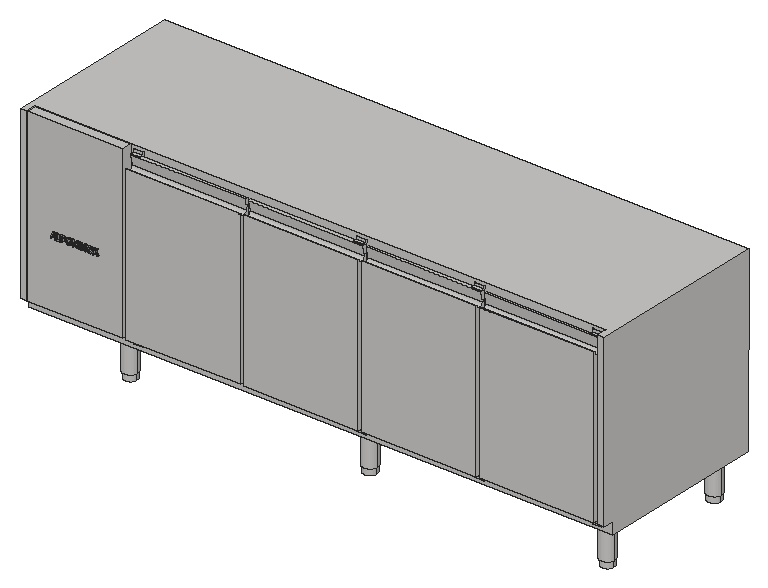
Revit family "QF_ALPENINOX_712060_AH4H7AAAA", category Specialty Equipment, Revit 2018
Family settings
  Round Connector Dimension = Use Diameter
  Part Type = Normal
  Work Plane-Based = No
  Always vertical = Yes
  Cut with Voids When Loaded = No
  Shared = No
  Room Calculation Point = No
Parameters
  Weight = 0.00 kg
  Watts = 0.0232258 W
  Volts = 220 V
  URL Manufacturer = "http://www.alpeninox.com/"
  URL = "http://www.alpeninox.com/"
  Steam Supply Size = 0 mm
  Steam Supply Minimum Pressure = 0.0 Pa
  Steam Supply Maximum Pressure = 0.0 Pa
  Steam Pounds per Hour = 0
  Show Logo [instance] = yes
  Show Clearance [instance] = yes
  Refrigeration Suction Line Size = 0 mm
  Refrigeration Liquid Line Size = 0 mm
  Refrigerant Compressor Remote = yes
  Manufacturer = "Alpeninox"
  Phase = 1
  Model = "AH4H7AAAA"
  Length Actual = 2249 mm  # constant formula
  Item Number = "712060"
  Hot Water Size = 0 mm
  Height Actual = 850 mm  # constant formula
  HP = "0.3 HP"
  Gas Size = 0 mm
  Gas KW = 0
  Gas Input Pressure = 0 W
  Description = "4DOORS REFRIGERATED TABLE 590L-NO TOP"
  Depth Actual = 700 mm  # constant formula
  Cycle = 50 Hz
  Condensate Return Size = 0 mm
  Compressed Air Volume = 0.0 L/s
  Compressed Air Size = 0 mm
  Compressed Air Pressure = 0.0 Pa
  Cold Water Size = 0 mm
  Accessory = yes
Reference planes
  plane 1 "Center X": y = 182.5
  plane 2: z = 0
  plane 3 "Center Y": x = -580.5
  plane 4: y = -62.5
  plane 5: y = 451.5
  plane 6 "BACK": y = 532.5
  plane 7 "FRONT": y = -167.5
  plane 8: x = -1360
  plane 9: x = 478
  plane 10: z = 150
  plane 11 "TOP": z = 900
  plane 12: z = 850
  plane 13 "LEFT": x = -1705
  plane 14 "RIGHT": x = 544
  plane 15: x = -437
Forms (mm)
  Extrusion 1, solid, material "QF_Finishes_Stainless Steel"
    sketch origin (-580.5, 2, 0) x (0, 1, 0) y (0, 0, 1)
      loop
        line (530.5, 150) -> (530.5, 850) -> (-124.5, 850) -> (-124.5, 150) -> (530.5, 150)
    from -1124.5 to 1124.5
  Extrusion 2, solid, material "QF_Finishes_Stainless Steel"
    sketch origin (-1022.223, -1524, 150) x (-1, 0, 0) y (0, -1, 0)
      loop
        line (682.777, -1361.5) -> (657.777, -1361.5) -> (657.777, -1401.5) -> (682.777, -1401.5) -> (682.777, -1361.5)
      loop
        line (-1566.223, -1401.5) -> (-1541.223, -1401.5) -> (-1541.223, -1361.5) -> (-1566.223, -1361.5) -> (-1566.223, -1401.5)
    from 47 to 700
  Extrusion 3, solid, material "QF_Finishes_Stainless Steel"
    sketch origin (0, 0, 900) x (-1, 0, 0) y (0, -1, 0)
      loop
        circle (-57, -94.5) r 8.45
      loop
        circle (851, -94.5) r 8.45
    from -790.577 to -750
  Extrusion 4, solid, material "QF_Finishes_Stainless Steel"
    sketch origin (0, 0, 0) x (1, 0, 0) y (0, 1, 0)
      loop
        circle (-1621, 451.5) r 4
    from 109.423 to 150
Cuts and joins
  joined: Extrusion 1, Extrusion 2
Lines and regions (mm)
  symbolic lines, style "SpecialityEquipmentHiddenLines"
    curve 1: line (-1705, -122.5, 900) -> (544, -122.5, 900)
    curve 2: line (-1304, -162.5, 900) -> (-1304, -122.5, 900)
    curve 3: line (-1705, 532.5, 900) -> (544, 532.5, 900)
    curve 4: line (-1705, 532.5, 900) -> (-1705, -162.5, 900)
    curve 5: line (-1705, -162.5, 900) -> (544, -162.5, 900)
    curve 6: line (544, -162.5, 900) -> (544, 532.5, 900)
Dimensions and locks
  locked: plane 6 "BACK" to plane 7 "FRONT" at 700
  equal spacing: plane 6 "BACK", plane 1 "Center X", plane 7 "FRONT"
  locked: plane 6 "BACK" to plane 5 at 81
  plane 10 to level = 150 mm
  plane 11 "TOP" to plane 12 to plane 10 = 50 mm locked, 700 mm locked
  locked: Extrusion 2 sketch curve to Extrusion 2 sketch curve at 25  (x2)
  locked: plane 4 to plane 7 "FRONT" at 105
  locked: plane 6 "BACK" to Extrusion 3 sketch curve at 438  (x2)
  equal spacing: plane 13 "LEFT", plane 3 "Center Y", plane 14 "RIGHT"
  plane 13 "LEFT" to plane 14 "RIGHT" = 2249 mm
  locked: plane 13 "LEFT" to plane 8 at 345
  plane 15 to plane 9 to plane 14 "RIGHT" = 915 mm locked, 66 mm locked
  Extrusion 3 sketch curve to Extrusion 3 sketch curve to plane 14 "RIGHT" = 908 mm locked, 487 mm locked
  plane 13 "LEFT" to Extrusion 4 sketch curve = 84 mm
  locked: plane 6 "BACK" to Extrusion 4 sketch curve at 81
  locked: plane 10 to Extrusion 4 at 40.577
  aligned and locked: level to plane 2
  aligned and locked: plane 10 to Extrusion 3
  aligned and locked: nested 4 to plane 4
  aligned and locked: nested 1 to plane 4
  aligned and locked: nested 3 to plane 5
  aligned and locked: nested 2 to plane 5
  aligned and locked: plane 8 to nested 1
  aligned and locked: plane 8 to nested 2
  aligned and locked: plane 9 to nested 4
  aligned and locked: plane 9 to nested 3
  aligned and locked: Extrusion 1 to Extrusion 2
  aligned and locked: Extrusion 2 to Extrusion 1
  aligned and locked: Extrusion 2 sketch curve to plane 14 "RIGHT"
  aligned and locked: plane 13 "LEFT" to Extrusion 2 sketch curve
  aligned and locked: cut or joined group of Extrusion 1, Extrusion 2 to plane 10
  aligned and locked: plane 12 to cut or joined group of Extrusion 1, Extrusion 2
  aligned and locked: plane 10 to Extrusion 4
  aligned and locked: plane 15 to nested 11
  aligned and locked: plane 15 to nested 12
Automatic sketch dimensions
  plane 7 "FRONT" to Extrusion 2 sketch curve = 45 mm  (x2)
  plane 7 "FRONT" to Extrusion 2 sketch curve = 5 mm  (x2)
  curve 6 to plane 6 "BACK" = 0 mm
  curve 6 to plane 14 "RIGHT" = 0 mm
  plane 7 "FRONT" to curve 2 = 5 mm
  curve 5 to plane 13 "LEFT" = 0 mm
  plane 8 to curve 2 = 56 mm
  plane 7 "FRONT" to curve 1 = 45 mm
  Extrusion 1 sketch curve to plane 10 = 0 mm
  Extrusion 1 sketch curve to plane 12 = 0 mm
  Extrusion 1 sketch curve to plane 6 "BACK" = 0 mm
  plane 7 "FRONT" to Extrusion 1 sketch curve = 45 mm
  radius of Extrusion 4 sketch curve = 4 mm
  radius of Extrusion 3 sketch curve = 8.45 mm  (x2)
Nested families
  nested 1: "Foot_Ø50_H150" at (-1360, -62.5, 0), type "Foot_Ø50_H150"
  nested 2: "Foot_Ø50_H150" at (-1360, 451.5, 0), type "Foot_Ø50_H150"
  nested 3: "Foot_Ø50_H150" at (478, 451.5, 0), type "Foot_Ø50_H150"
  nested 4: "Foot_Ø50_H150" at (478, -62.5, 0), type "Foot_Ø50_H150"
  nested 5: "Door" at (285, -164.5, 0), Show Clearance <- "Show Clearance", type "Door"
  nested 6: "Door" at (-169, -164.5, 0), Show Clearance <- "Show Clearance", type "Door"
  nested 7: "Refrigerator" at (544, -167.5, 900), type "Refrigerator"
  nested 8: "ALP_Cooling Unit" at (-1495.5, -164.5, 0), Show Logo <- "Show Logo", type "ALP_Cooling Unit"
  nested 9: "Door" at (-623, -164.5, 0), Show Clearance <- "Show Clearance", type "Door"
  nested 10: "Door" at (-1077, -164.5, 0) x (-1, 0, 0) z (0, 0, 1), Show Clearance <- "Show Clearance", type "Door"
  nested 11: "Foot_Ø50_H150" at (-437, -62.5, 0), type "Foot_Ø50_H150"
  nested 12: "Foot_Ø50_H150" at (-437, 451.5, 0), type "Foot_Ø50_H150"
Connectors
  electrical at (-1621, 451.5, 109.423), driven by "Volts"
    settings: on Extrusion 4, index 4, voltage 220 V, apparent load 0 VA, apparent load phase1 0 VA, apparent load phase2 0 VA, apparent load phase3 0 VA, power factor 1, load classification "Altro", number of poles 1, system type 30, power factor state 1, is connector primary yes, connector utility no, sub classification motor no, connector description "Electrical Connection"
  piping at (57, 94.5, 109.423), diameter 17
    settings: on Extrusion 3, index 5, connector inside diameter 609.6 mm, connector length 0 mm, flow factor 0, pipe flow 0.0 L/s, pressure drop 0.0 Pa, fitting loss kfactor 0, connector angle 0.00°, fixture units 0, engagement length 0 mm, angle of deflection 0.00°, flow configuration 1, flow direction 2, fitting loss method 0, system type 16, joint type 0, gender type 0, connector reference index -1, connector utility 0, adjustable connector no, is connector primary yes, connector description "Drain"
  piping at (-851, 94.5, 109.423), diameter 17
    settings: on Extrusion 3, index 6, connector inside diameter 609.6 mm, connector length 0 mm, flow factor 0, pipe flow 0.0 L/s, pressure drop 0.0 Pa, fitting loss kfactor 0, connector angle 0.00°, fixture units 0, engagement length 0 mm, angle of deflection 0.00°, flow configuration 1, flow direction 2, fitting loss method 0, system type 16, joint type 0, gender type 0, connector reference index -1, connector utility 0, adjustable connector no, is connector primary no, connector description "Drain"
Definition of nested family "Foot_Ø50_H150"
  Reference planes
    plane 1 "Centro (Fronte/Retro)": y = 0
    plane 2: z = 0
    plane 3 "Centro (Sinistra/Destra)": x = 0
    plane 4: z = 150
  Forms (mm)
    Revolve 1, solid
      sketch origin (255.05, 0, 608.09) x (0, 0, 1) y (-1, 0, 0)
        loop
          line (-608.09, 255.05) -> (-608.09, 230.05) -> (-583.09, 230.05) -> (-583.09, 226.05) -> (-458.09, 226.05) -> (-458.09, 255.05) -> (-608.09, 255.05)
        axis (-608.09, 255.05) -> (-458.09, 255.05)
      angle from 0 to 360
  Dimensions and locks
    locked: Revolve 1 sketch curve to Revolve 1 sketch curve at 125
    aligned and locked: level to plane 2
    aligned and locked: plane 4 to Revolve 1 sketch curve
    aligned and locked: Revolve 1 sketch curve to level
    aligned and locked: plane 3 "Centro (Sinistra/Destra)" to Revolve 1 sketch curve
Definition of nested family "Door"
  Parameters
    Show Clearance [instance] = yes
  Reference planes
    plane 1 "FRONT": y = -3
    plane 2: z = 0
    plane 3 "Centro (Sinistra/Destra)": x = 0
    plane 4: z = 150
    plane 5: z = 850
    plane 6: x = -234
    plane 7: x = 234
    plane 8: x = -220
    plane 9: x = 220
  Forms (mm)
    Extrusion 1, solid
      sketch origin (0, 53, 511) x (0, 0, 1) y (0, -1, 0)
        loop
          line (-323.003, 28.5) -> (-316.501, 28.5) -> (-316.501, 31) -> (-325.503, 31) -> (-325.503, 13.5) -> (-345.503, 13.5) -> (-345.503, 11) -> (-323.003, 11) -> (-323.003, 23.259) -> (-323.003, 28.5)
        loop
          line (-314, 27) -> (-316.501, 27) -> (-316.501, 18.501) -> (-319.752, 18.501) -> (-319.752, 16) -> (-314, 16) -> (-314, 27)
        loop
          line (315.003, 27) -> (315.003, 13.948) -> (315.003, 11) -> (327.503, 11) -> (327.503, 13.5) -> (317.503, 13.5) -> (317.503, 27) -> (315.003, 27)
      from 185 to 220
    Extrusion 2, solid, visible <- "Show Clearance", detail levels coarse
      sketch origin (0, 53, 511) x (0, -1, 0) y (1, 0, 0)
        loop
          line (51, 220) -> (51, -220)
          arc (51, -220) -> (339.234, -79.44) -> (454, 220) r 437.168
          line (454, 220) -> (51, 220)
      from -314 to 314
    Extrusion 3, solid
      sketch origin (0, 55, 511) x (0, 0, 1) y (0, -1, 0)
        loop
          line (314, 18) -> (314, 29) -> (274.395, 22.5)
          arc (274.395, 22.5) -> (260.395, 36.5) -> (274.395, 50.5) r 14
          line (274.395, 50.5) -> (274.395, 53) -> (-314, 53) -> (-314, 18) -> (314, 18)
      from -220 to 220
  Lines and regions (mm)
    symbolic lines
      curve 1: line (220, -3, 0) -> (220, -401, 0)
      curve 2: line (220, -401, 0) -> (185, -401, 0)
      curve 3: line (185, -401, 0) -> (185, -3, 0)
      curve 4: arc (-219.722, -3, 0) -> (-89.51, -275.368, 0) -> (185, -401, 0) r 442.855
  Dimensions and locks
    aligned and locked: level to plane 2
Definition of nested family "ALP_Cooling Unit"
  Parameters
    Show Logo [instance] = yes
  Reference planes
    plane 1 "FRONT": y = -3
    plane 2: z = 0
    plane 3 "Centro (Sinistra/Destra)": x = 0
    plane 4: z = 150
    plane 5: z = 850
    plane 6: x = -184.5
    plane 7: x = 184.5
  Forms (mm)
    Extrusion 1, solid
      sketch origin (0, 55, 511) x (0, 0, 1) y (0, -1, 0)
        loop
          line (-314, 53) -> (-314, 13) -> (339, 13) -> (339, 53) -> (-314, 53)
      from -184.5 to 184.5
  Lines and regions (mm)
    Split face 1
      outline origin (0, 2, 197) x (0, 0, 1) y (-1, 0, 0)
        loop
          line (566.835, 184.5) -> (566.835, -184.5)
        loop
          line (521.835, 184.5) -> (521.835, -184.5)
    Split face 2
      outline origin (0, 2, 197) x (0, 0, 1) y (-1, 0, 0)
        loop
          line (526.835, -184.5) -> (526.835, 150.5)
          arc (526.835, 150.5) -> (544.335, 168) -> (561.835, 150.5) r 17.5
          line (561.835, 150.5) -> (561.835, -184.5)
    Split face 3
      outline origin (0, 2, 197) x (0, 0, 1) y (-1, 0, 0)
        loop
          line (555.835, 149.5) -> (532.835, 149.5) -> (532.835, 94.5) -> (555.835, 94.5) -> (555.835, 149.5)
    Split face 4
      outline origin (0, 2, 197) x (0, 0, 1) y (-1, 0, 0)
        loop
          arc (510.649, 158.547) -> (506.648, 162.548) -> (502.647, 158.547) r 4.001
          line (502.647, 158.547) -> (502.647, 116.535)
          arc (502.647, 116.535) -> (506.648, 112.533) -> (510.649, 116.535) r 4.001
          line (510.649, 116.535) -> (510.649, 158.547)
    Split face 5
      outline origin (0, 2, 184.996) x (0, 0, 1) y (-1, 0, 0)
        loop
          arc (510.649, 158.547) -> (506.648, 162.548) -> (502.647, 158.547) r 4.001
          line (502.647, 158.547) -> (502.647, 116.535)
          arc (502.647, 116.535) -> (506.648, 112.533) -> (510.649, 116.535) r 4.001
          line (510.649, 116.535) -> (510.649, 158.547)
    Split face 6
      outline origin (0, 2, 172.993) x (0, 0, 1) y (-1, 0, 0)
        loop
          arc (510.649, 158.547) -> (506.648, 162.548) -> (502.647, 158.547) r 4.001
          line (502.647, 158.547) -> (502.647, 116.535)
          arc (502.647, 116.535) -> (506.648, 112.533) -> (510.649, 116.535) r 4.001
          line (510.649, 116.535) -> (510.649, 158.547)
    Split face 7
      outline origin (0, 2, 160.989) x (0, 0, 1) y (-1, 0, 0)
        loop
          arc (510.649, 158.547) -> (506.648, 162.548) -> (502.647, 158.547) r 4.001
          line (502.647, 158.547) -> (502.647, 116.535)
          arc (502.647, 116.535) -> (506.648, 112.533) -> (510.649, 116.535) r 4.001
          line (510.649, 116.535) -> (510.649, 158.547)
    Split face 8
      outline origin (0, 2, 148.986) x (0, 0, 1) y (-1, 0, 0)
        loop
          arc (510.649, 158.547) -> (506.648, 162.548) -> (502.647, 158.547) r 4.001
          line (502.647, 158.547) -> (502.647, 116.535)
          arc (502.647, 116.535) -> (506.648, 112.533) -> (510.649, 116.535) r 4.001
          line (510.649, 116.535) -> (510.649, 158.547)
    Split face 9
      outline origin (0, 2, 136.982) x (0, 0, 1) y (-1, 0, 0)
        loop
          arc (510.649, 158.547) -> (506.648, 162.548) -> (502.647, 158.547) r 4.001
          line (502.647, 158.547) -> (502.647, 116.535)
          arc (502.647, 116.535) -> (506.648, 112.533) -> (510.649, 116.535) r 4.001
          line (510.649, 116.535) -> (510.649, 158.547)
    Split face 10
      outline origin (0, 2, 124.979) x (0, 0, 1) y (-1, 0, 0)
        loop
          arc (510.649, 158.547) -> (506.648, 162.548) -> (502.647, 158.547) r 4.001
          line (502.647, 158.547) -> (502.647, 116.535)
          arc (502.647, 116.535) -> (506.648, 112.533) -> (510.649, 116.535) r 4.001
          line (510.649, 116.535) -> (510.649, 158.547)
    Split face 11
      outline origin (0, 2, 112.975) x (0, 0, 1) y (-1, 0, 0)
        loop
          arc (510.649, 158.547) -> (506.648, 162.548) -> (502.647, 158.547) r 4.001
          line (502.647, 158.547) -> (502.647, 116.535)
          arc (502.647, 116.535) -> (506.648, 112.533) -> (510.649, 116.535) r 4.001
          line (510.649, 116.535) -> (510.649, 158.547)
    Split face 12
      outline origin (0, 2, 100.972) x (0, 0, 1) y (-1, 0, 0)
        loop
          arc (510.649, 158.547) -> (506.648, 162.548) -> (502.647, 158.547) r 4.001
          line (502.647, 158.547) -> (502.647, 116.535)
          arc (502.647, 116.535) -> (506.648, 112.533) -> (510.649, 116.535) r 4.001
          line (510.649, 116.535) -> (510.649, 158.547)
    Split face 13
      outline origin (0, 2, 88.968) x (0, 0, 1) y (-1, 0, 0)
        loop
          arc (510.649, 158.547) -> (506.648, 162.548) -> (502.647, 158.547) r 4.001
          line (502.647, 158.547) -> (502.647, 116.535)
          arc (502.647, 116.535) -> (506.648, 112.533) -> (510.649, 116.535) r 4.001
          line (510.649, 116.535) -> (510.649, 158.547)
    Split face 14
      outline origin (0, 2, 76.965) x (0, 0, 1) y (-1, 0, 0)
        loop
          arc (510.649, 158.547) -> (506.648, 162.548) -> (502.647, 158.547) r 4.001
          line (502.647, 158.547) -> (502.647, 116.535)
          arc (502.647, 116.535) -> (506.648, 112.533) -> (510.649, 116.535) r 4.001
          line (510.649, 116.535) -> (510.649, 158.547)
    Split face 15
      outline origin (0, 2, 64.961) x (0, 0, 1) y (-1, 0, 0)
        loop
          arc (510.649, 158.547) -> (506.648, 162.548) -> (502.647, 158.547) r 4.001
          line (502.647, 158.547) -> (502.647, 116.535)
          arc (502.647, 116.535) -> (506.648, 112.533) -> (510.649, 116.535) r 4.001
          line (510.649, 116.535) -> (510.649, 158.547)
    Split face 16
      outline origin (0, 2, 52.958) x (0, 0, 1) y (-1, 0, 0)
        loop
          arc (510.649, 158.547) -> (506.648, 162.548) -> (502.647, 158.547) r 4.001
          line (502.647, 158.547) -> (502.647, 116.535)
          arc (502.647, 116.535) -> (506.648, 112.533) -> (510.649, 116.535) r 4.001
          line (510.649, 116.535) -> (510.649, 158.547)
    Split face 17
      outline origin (0, 2, 40.954) x (0, 0, 1) y (-1, 0, 0)
        loop
          arc (510.649, 158.547) -> (506.648, 162.548) -> (502.647, 158.547) r 4.001
          line (502.647, 158.547) -> (502.647, 116.535)
          arc (502.647, 116.535) -> (506.648, 112.533) -> (510.649, 116.535) r 4.001
          line (510.649, 116.535) -> (510.649, 158.547)
    Split face 18
      outline origin (0, 2, 28.951) x (0, 0, 1) y (-1, 0, 0)
        loop
          arc (510.649, 158.547) -> (506.648, 162.548) -> (502.647, 158.547) r 4.001
          line (502.647, 158.547) -> (502.647, 116.535)
          arc (502.647, 116.535) -> (506.648, 112.533) -> (510.649, 116.535) r 4.001
          line (510.649, 116.535) -> (510.649, 158.547)
    Split face 19
      outline origin (0, 2, 16.947) x (0, 0, 1) y (-1, 0, 0)
        loop
          arc (510.649, 158.547) -> (506.648, 162.548) -> (502.647, 158.547) r 4.001
          line (502.647, 158.547) -> (502.647, 116.535)
          arc (502.647, 116.535) -> (506.648, 112.533) -> (510.649, 116.535) r 4.001
          line (510.649, 116.535) -> (510.649, 158.547)
    Split face 20
      outline origin (55.016, 2, 197) x (0, 0, 1) y (-1, 0, 0)
        loop
          arc (510.649, 158.547) -> (506.648, 162.548) -> (502.647, 158.547) r 4.001
          line (502.647, 158.547) -> (502.647, 116.535)
          arc (502.647, 116.535) -> (506.648, 112.533) -> (510.649, 116.535) r 4.001
          line (510.649, 116.535) -> (510.649, 158.547)
    Split face 21
      outline origin (55.016, 2, 184.996) x (0, 0, 1) y (-1, 0, 0)
        loop
          arc (510.649, 158.547) -> (506.648, 162.548) -> (502.647, 158.547) r 4.001
          line (502.647, 158.547) -> (502.647, 116.535)
          arc (502.647, 116.535) -> (506.648, 112.533) -> (510.649, 116.535) r 4.001
          line (510.649, 116.535) -> (510.649, 158.547)
    Split face 22
      outline origin (55.016, 2, 172.993) x (0, 0, 1) y (-1, 0, 0)
        loop
          arc (510.649, 158.547) -> (506.648, 162.548) -> (502.647, 158.547) r 4.001
          line (502.647, 158.547) -> (502.647, 116.535)
          arc (502.647, 116.535) -> (506.648, 112.533) -> (510.649, 116.535) r 4.001
          line (510.649, 116.535) -> (510.649, 158.547)
    Split face 23
      outline origin (55.016, 2, 160.989) x (0, 0, 1) y (-1, 0, 0)
        loop
          arc (510.649, 158.547) -> (506.648, 162.548) -> (502.647, 158.547) r 4.001
          line (502.647, 158.547) -> (502.647, 116.535)
          arc (502.647, 116.535) -> (506.648, 112.533) -> (510.649, 116.535) r 4.001
          line (510.649, 116.535) -> (510.649, 158.547)
    Split face 24
      outline origin (55.016, 2, 148.986) x (0, 0, 1) y (-1, 0, 0)
        loop
          arc (510.649, 158.547) -> (506.648, 162.548) -> (502.647, 158.547) r 4.001
          line (502.647, 158.547) -> (502.647, 116.535)
          arc (502.647, 116.535) -> (506.648, 112.533) -> (510.649, 116.535) r 4.001
          line (510.649, 116.535) -> (510.649, 158.547)
    Split face 25
      outline origin (55.016, 2, 136.982) x (0, 0, 1) y (-1, 0, 0)
        loop
          arc (510.649, 158.547) -> (506.648, 162.548) -> (502.647, 158.547) r 4.001
          line (502.647, 158.547) -> (502.647, 116.535)
          arc (502.647, 116.535) -> (506.648, 112.533) -> (510.649, 116.535) r 4.001
          line (510.649, 116.535) -> (510.649, 158.547)
    Split face 26
      outline origin (55.016, 2, 124.979) x (0, 0, 1) y (-1, 0, 0)
        loop
          arc (510.649, 158.547) -> (506.648, 162.548) -> (502.647, 158.547) r 4.001
          line (502.647, 158.547) -> (502.647, 116.535)
          arc (502.647, 116.535) -> (506.648, 112.533) -> (510.649, 116.535) r 4.001
          line (510.649, 116.535) -> (510.649, 158.547)
    Split face 27
      outline origin (55.016, 2, 112.975) x (0, 0, 1) y (-1, 0, 0)
        loop
          arc (510.649, 158.547) -> (506.648, 162.548) -> (502.647, 158.547) r 4.001
          line (502.647, 158.547) -> (502.647, 116.535)
          arc (502.647, 116.535) -> (506.648, 112.533) -> (510.649, 116.535) r 4.001
          line (510.649, 116.535) -> (510.649, 158.547)
    Split face 28
      outline origin (55.016, 2, 100.972) x (0, 0, 1) y (-1, 0, 0)
        loop
          arc (510.649, 158.547) -> (506.648, 162.548) -> (502.647, 158.547) r 4.001
          line (502.647, 158.547) -> (502.647, 116.535)
          arc (502.647, 116.535) -> (506.648, 112.533) -> (510.649, 116.535) r 4.001
          line (510.649, 116.535) -> (510.649, 158.547)
    Split face 29
      outline origin (55.016, 2, 88.968) x (0, 0, 1) y (-1, 0, 0)
        loop
          arc (510.649, 158.547) -> (506.648, 162.548) -> (502.647, 158.547) r 4.001
          line (502.647, 158.547) -> (502.647, 116.535)
          arc (502.647, 116.535) -> (506.648, 112.533) -> (510.649, 116.535) r 4.001
          line (510.649, 116.535) -> (510.649, 158.547)
    Split face 30
      outline origin (55.016, 2, 76.965) x (0, 0, 1) y (-1, 0, 0)
        loop
          arc (510.649, 158.547) -> (506.648, 162.548) -> (502.647, 158.547) r 4.001
          line (502.647, 158.547) -> (502.647, 116.535)
          arc (502.647, 116.535) -> (506.648, 112.533) -> (510.649, 116.535) r 4.001
          line (510.649, 116.535) -> (510.649, 158.547)
    Split face 31
      outline origin (55.016, 2, 64.961) x (0, 0, 1) y (-1, 0, 0)
        loop
          arc (510.649, 158.547) -> (506.648, 162.548) -> (502.647, 158.547) r 4.001
          line (502.647, 158.547) -> (502.647, 116.535)
          arc (502.647, 116.535) -> (506.648, 112.533) -> (510.649, 116.535) r 4.001
          line (510.649, 116.535) -> (510.649, 158.547)
    Split face 32
      outline origin (55.016, 2, 52.958) x (0, 0, 1) y (-1, 0, 0)
        loop
          arc (510.649, 158.547) -> (506.648, 162.548) -> (502.647, 158.547) r 4.001
          line (502.647, 158.547) -> (502.647, 116.535)
          arc (502.647, 116.535) -> (506.648, 112.533) -> (510.649, 116.535) r 4.001
          line (510.649, 116.535) -> (510.649, 158.547)
    Split face 33
      outline origin (55.016, 2, 40.954) x (0, 0, 1) y (-1, 0, 0)
        loop
          arc (510.649, 158.547) -> (506.648, 162.548) -> (502.647, 158.547) r 4.001
          line (502.647, 158.547) -> (502.647, 116.535)
          arc (502.647, 116.535) -> (506.648, 112.533) -> (510.649, 116.535) r 4.001
          line (510.649, 116.535) -> (510.649, 158.547)
    Split face 34
      outline origin (55.016, 2, 28.951) x (0, 0, 1) y (-1, 0, 0)
        loop
          arc (510.649, 158.547) -> (506.648, 162.548) -> (502.647, 158.547) r 4.001
          line (502.647, 158.547) -> (502.647, 116.535)
          arc (502.647, 116.535) -> (506.648, 112.533) -> (510.649, 116.535) r 4.001
          line (510.649, 116.535) -> (510.649, 158.547)
    Split face 35
      outline origin (55.016, 2, 16.947) x (0, 0, 1) y (-1, 0, 0)
        loop
          arc (510.649, 158.547) -> (506.648, 162.548) -> (502.647, 158.547) r 4.001
          line (502.647, 158.547) -> (502.647, 116.535)
          arc (502.647, 116.535) -> (506.648, 112.533) -> (510.649, 116.535) r 4.001
          line (510.649, 116.535) -> (510.649, 158.547)
    Split face 36
      outline origin (110.032, 2, 197) x (0, 0, 1) y (-1, 0, 0)
        loop
          arc (510.649, 158.547) -> (506.648, 162.548) -> (502.647, 158.547) r 4.001
          line (502.647, 158.547) -> (502.647, 116.535)
          arc (502.647, 116.535) -> (506.648, 112.533) -> (510.649, 116.535) r 4.001
          line (510.649, 116.535) -> (510.649, 158.547)
    Split face 37
      outline origin (110.032, 2, 184.996) x (0, 0, 1) y (-1, 0, 0)
        loop
          arc (510.649, 158.547) -> (506.648, 162.548) -> (502.647, 158.547) r 4.001
          line (502.647, 158.547) -> (502.647, 116.535)
          arc (502.647, 116.535) -> (506.648, 112.533) -> (510.649, 116.535) r 4.001
          line (510.649, 116.535) -> (510.649, 158.547)
    Split face 38
      outline origin (110.032, 2, 172.993) x (0, 0, 1) y (-1, 0, 0)
        loop
          arc (510.649, 158.547) -> (506.648, 162.548) -> (502.647, 158.547) r 4.001
          line (502.647, 158.547) -> (502.647, 116.535)
          arc (502.647, 116.535) -> (506.648, 112.533) -> (510.649, 116.535) r 4.001
          line (510.649, 116.535) -> (510.649, 158.547)
    Split face 39
      outline origin (110.032, 2, 160.989) x (0, 0, 1) y (-1, 0, 0)
        loop
          arc (510.649, 158.547) -> (506.648, 162.548) -> (502.647, 158.547) r 4.001
          line (502.647, 158.547) -> (502.647, 116.535)
          arc (502.647, 116.535) -> (506.648, 112.533) -> (510.649, 116.535) r 4.001
          line (510.649, 116.535) -> (510.649, 158.547)
    Split face 40
      outline origin (110.032, 2, 148.986) x (0, 0, 1) y (-1, 0, 0)
        loop
          arc (510.649, 158.547) -> (506.648, 162.548) -> (502.647, 158.547) r 4.001
          line (502.647, 158.547) -> (502.647, 116.535)
          arc (502.647, 116.535) -> (506.648, 112.533) -> (510.649, 116.535) r 4.001
          line (510.649, 116.535) -> (510.649, 158.547)
    Split face 41
      outline origin (110.032, 2, 136.982) x (0, 0, 1) y (-1, 0, 0)
        loop
          arc (510.649, 158.547) -> (506.648, 162.548) -> (502.647, 158.547) r 4.001
          line (502.647, 158.547) -> (502.647, 116.535)
          arc (502.647, 116.535) -> (506.648, 112.533) -> (510.649, 116.535) r 4.001
          line (510.649, 116.535) -> (510.649, 158.547)
    Split face 42
      outline origin (110.032, 2, 124.979) x (0, 0, 1) y (-1, 0, 0)
        loop
          arc (510.649, 158.547) -> (506.648, 162.548) -> (502.647, 158.547) r 4.001
          line (502.647, 158.547) -> (502.647, 116.535)
          arc (502.647, 116.535) -> (506.648, 112.533) -> (510.649, 116.535) r 4.001
          line (510.649, 116.535) -> (510.649, 158.547)
    Split face 43
      outline origin (110.032, 2, 112.975) x (0, 0, 1) y (-1, 0, 0)
        loop
          arc (510.649, 158.547) -> (506.648, 162.548) -> (502.647, 158.547) r 4.001
          line (502.647, 158.547) -> (502.647, 116.535)
          arc (502.647, 116.535) -> (506.648, 112.533) -> (510.649, 116.535) r 4.001
          line (510.649, 116.535) -> (510.649, 158.547)
    Split face 44
      outline origin (110.032, 2, 100.972) x (0, 0, 1) y (-1, 0, 0)
        loop
          arc (510.649, 158.547) -> (506.648, 162.548) -> (502.647, 158.547) r 4.001
          line (502.647, 158.547) -> (502.647, 116.535)
          arc (502.647, 116.535) -> (506.648, 112.533) -> (510.649, 116.535) r 4.001
          line (510.649, 116.535) -> (510.649, 158.547)
    Split face 45
      outline origin (110.032, 2, 88.968) x (0, 0, 1) y (-1, 0, 0)
        loop
          arc (510.649, 158.547) -> (506.648, 162.548) -> (502.647, 158.547) r 4.001
          line (502.647, 158.547) -> (502.647, 116.535)
          arc (502.647, 116.535) -> (506.648, 112.533) -> (510.649, 116.535) r 4.001
          line (510.649, 116.535) -> (510.649, 158.547)
    Split face 46
      outline origin (110.032, 2, 76.965) x (0, 0, 1) y (-1, 0, 0)
        loop
          arc (510.649, 158.547) -> (506.648, 162.548) -> (502.647, 158.547) r 4.001
          line (502.647, 158.547) -> (502.647, 116.535)
          arc (502.647, 116.535) -> (506.648, 112.533) -> (510.649, 116.535) r 4.001
          line (510.649, 116.535) -> (510.649, 158.547)
    Split face 47
      outline origin (110.032, 2, 64.961) x (0, 0, 1) y (-1, 0, 0)
        loop
          arc (510.649, 158.547) -> (506.648, 162.548) -> (502.647, 158.547) r 4.001
          line (502.647, 158.547) -> (502.647, 116.535)
          arc (502.647, 116.535) -> (506.648, 112.533) -> (510.649, 116.535) r 4.001
          line (510.649, 116.535) -> (510.649, 158.547)
    Split face 48
      outline origin (110.032, 2, 52.958) x (0, 0, 1) y (-1, 0, 0)
        loop
          arc (510.649, 158.547) -> (506.648, 162.548) -> (502.647, 158.547) r 4.001
          line (502.647, 158.547) -> (502.647, 116.535)
          arc (502.647, 116.535) -> (506.648, 112.533) -> (510.649, 116.535) r 4.001
          line (510.649, 116.535) -> (510.649, 158.547)
    Split face 49
      outline origin (110.032, 2, 40.954) x (0, 0, 1) y (-1, 0, 0)
        loop
          arc (510.649, 158.547) -> (506.648, 162.548) -> (502.647, 158.547) r 4.001
          line (502.647, 158.547) -> (502.647, 116.535)
          arc (502.647, 116.535) -> (506.648, 112.533) -> (510.649, 116.535) r 4.001
          line (510.649, 116.535) -> (510.649, 158.547)
    Split face 50
      outline origin (110.032, 2, 28.951) x (0, 0, 1) y (-1, 0, 0)
        loop
          arc (510.649, 158.547) -> (506.648, 162.548) -> (502.647, 158.547) r 4.001
          line (502.647, 158.547) -> (502.647, 116.535)
          arc (502.647, 116.535) -> (506.648, 112.533) -> (510.649, 116.535) r 4.001
          line (510.649, 116.535) -> (510.649, 158.547)
    Split face 51
      outline origin (110.032, 2, 16.947) x (0, 0, 1) y (-1, 0, 0)
        loop
          arc (510.649, 158.547) -> (506.648, 162.548) -> (502.647, 158.547) r 4.001
          line (502.647, 158.547) -> (502.647, 116.535)
          arc (502.647, 116.535) -> (506.648, 112.533) -> (510.649, 116.535) r 4.001
          line (510.649, 116.535) -> (510.649, 158.547)
    Split face 52
      outline origin (165.048, 2, 197) x (0, 0, 1) y (-1, 0, 0)
        loop
          arc (510.649, 158.547) -> (506.648, 162.548) -> (502.647, 158.547) r 4.001
          line (502.647, 158.547) -> (502.647, 116.535)
          arc (502.647, 116.535) -> (506.648, 112.533) -> (510.649, 116.535) r 4.001
          line (510.649, 116.535) -> (510.649, 158.547)
    Split face 53
      outline origin (165.048, 2, 184.996) x (0, 0, 1) y (-1, 0, 0)
        loop
          arc (510.649, 158.547) -> (506.648, 162.548) -> (502.647, 158.547) r 4.001
          line (502.647, 158.547) -> (502.647, 116.535)
          arc (502.647, 116.535) -> (506.648, 112.533) -> (510.649, 116.535) r 4.001
          line (510.649, 116.535) -> (510.649, 158.547)
    Split face 54
      outline origin (165.048, 2, 172.993) x (0, 0, 1) y (-1, 0, 0)
        loop
          arc (510.649, 158.547) -> (506.648, 162.548) -> (502.647, 158.547) r 4.001
          line (502.647, 158.547) -> (502.647, 116.535)
          arc (502.647, 116.535) -> (506.648, 112.533) -> (510.649, 116.535) r 4.001
          line (510.649, 116.535) -> (510.649, 158.547)
    Split face 55
      outline origin (165.048, 2, 160.989) x (0, 0, 1) y (-1, 0, 0)
        loop
          arc (510.649, 158.547) -> (506.648, 162.548) -> (502.647, 158.547) r 4.001
          line (502.647, 158.547) -> (502.647, 116.535)
          arc (502.647, 116.535) -> (506.648, 112.533) -> (510.649, 116.535) r 4.001
          line (510.649, 116.535) -> (510.649, 158.547)
    Split face 56
      outline origin (165.048, 2, 148.986) x (0, 0, 1) y (-1, 0, 0)
        loop
          arc (510.649, 158.547) -> (506.648, 162.548) -> (502.647, 158.547) r 4.001
          line (502.647, 158.547) -> (502.647, 116.535)
          arc (502.647, 116.535) -> (506.648, 112.533) -> (510.649, 116.535) r 4.001
          line (510.649, 116.535) -> (510.649, 158.547)
    Split face 57
      outline origin (165.048, 2, 136.982) x (0, 0, 1) y (-1, 0, 0)
        loop
          arc (510.649, 158.547) -> (506.648, 162.548) -> (502.647, 158.547) r 4.001
          line (502.647, 158.547) -> (502.647, 116.535)
          arc (502.647, 116.535) -> (506.648, 112.533) -> (510.649, 116.535) r 4.001
          line (510.649, 116.535) -> (510.649, 158.547)
    Split face 58
      outline origin (165.048, 2, 124.979) x (0, 0, 1) y (-1, 0, 0)
        loop
          arc (510.649, 158.547) -> (506.648, 162.548) -> (502.647, 158.547) r 4.001
          line (502.647, 158.547) -> (502.647, 116.535)
          arc (502.647, 116.535) -> (506.648, 112.533) -> (510.649, 116.535) r 4.001
          line (510.649, 116.535) -> (510.649, 158.547)
    Split face 59
      outline origin (165.048, 2, 112.975) x (0, 0, 1) y (-1, 0, 0)
        loop
          arc (510.649, 158.547) -> (506.648, 162.548) -> (502.647, 158.547) r 4.001
          line (502.647, 158.547) -> (502.647, 116.535)
          arc (502.647, 116.535) -> (506.648, 112.533) -> (510.649, 116.535) r 4.001
          line (510.649, 116.535) -> (510.649, 158.547)
    Split face 60
      outline origin (165.048, 2, 100.972) x (0, 0, 1) y (-1, 0, 0)
        loop
          arc (510.649, 158.547) -> (506.648, 162.548) -> (502.647, 158.547) r 4.001
          line (502.647, 158.547) -> (502.647, 116.535)
          arc (502.647, 116.535) -> (506.648, 112.533) -> (510.649, 116.535) r 4.001
          line (510.649, 116.535) -> (510.649, 158.547)
    Split face 61
      outline origin (165.048, 2, 88.968) x (0, 0, 1) y (-1, 0, 0)
        loop
          arc (510.649, 158.547) -> (506.648, 162.548) -> (502.647, 158.547) r 4.001
          line (502.647, 158.547) -> (502.647, 116.535)
          arc (502.647, 116.535) -> (506.648, 112.533) -> (510.649, 116.535) r 4.001
          line (510.649, 116.535) -> (510.649, 158.547)
    Split face 62
      outline origin (165.048, 2, 76.965) x (0, 0, 1) y (-1, 0, 0)
        loop
          arc (510.649, 158.547) -> (506.648, 162.548) -> (502.647, 158.547) r 4.001
          line (502.647, 158.547) -> (502.647, 116.535)
          arc (502.647, 116.535) -> (506.648, 112.533) -> (510.649, 116.535) r 4.001
          line (510.649, 116.535) -> (510.649, 158.547)
    Split face 63
      outline origin (165.048, 2, 64.961) x (0, 0, 1) y (-1, 0, 0)
        loop
          arc (510.649, 158.547) -> (506.648, 162.548) -> (502.647, 158.547) r 4.001
          line (502.647, 158.547) -> (502.647, 116.535)
          arc (502.647, 116.535) -> (506.648, 112.533) -> (510.649, 116.535) r 4.001
          line (510.649, 116.535) -> (510.649, 158.547)
    Split face 64
      outline origin (165.048, 2, 52.958) x (0, 0, 1) y (-1, 0, 0)
        loop
          arc (510.649, 158.547) -> (506.648, 162.548) -> (502.647, 158.547) r 4.001
          line (502.647, 158.547) -> (502.647, 116.535)
          arc (502.647, 116.535) -> (506.648, 112.533) -> (510.649, 116.535) r 4.001
          line (510.649, 116.535) -> (510.649, 158.547)
    Split face 65
      outline origin (165.048, 2, 40.954) x (0, 0, 1) y (-1, 0, 0)
        loop
          arc (510.649, 158.547) -> (506.648, 162.548) -> (502.647, 158.547) r 4.001
          line (502.647, 158.547) -> (502.647, 116.535)
          arc (502.647, 116.535) -> (506.648, 112.533) -> (510.649, 116.535) r 4.001
          line (510.649, 116.535) -> (510.649, 158.547)
    Split face 66
      outline origin (165.048, 2, 28.951) x (0, 0, 1) y (-1, 0, 0)
        loop
          arc (510.649, 158.547) -> (506.648, 162.548) -> (502.647, 158.547) r 4.001
          line (502.647, 158.547) -> (502.647, 116.535)
          arc (502.647, 116.535) -> (506.648, 112.533) -> (510.649, 116.535) r 4.001
          line (510.649, 116.535) -> (510.649, 158.547)
    Split face 67
      outline origin (165.048, 2, 16.947) x (0, 0, 1) y (-1, 0, 0)
        loop
          arc (510.649, 158.547) -> (506.648, 162.548) -> (502.647, 158.547) r 4.001
          line (502.647, 158.547) -> (502.647, 116.535)
          arc (502.647, 116.535) -> (506.648, 112.533) -> (510.649, 116.535) r 4.001
          line (510.649, 116.535) -> (510.649, 158.547)
    Split face 68
      outline origin (220.064, 2, 197) x (0, 0, 1) y (-1, 0, 0)
        loop
          arc (510.649, 158.547) -> (506.648, 162.548) -> (502.647, 158.547) r 4.001
          line (502.647, 158.547) -> (502.647, 116.535)
          arc (502.647, 116.535) -> (506.648, 112.533) -> (510.649, 116.535) r 4.001
          line (510.649, 116.535) -> (510.649, 158.547)
    Split face 69
      outline origin (220.064, 2, 184.996) x (0, 0, 1) y (-1, 0, 0)
        loop
          arc (510.649, 158.547) -> (506.648, 162.548) -> (502.647, 158.547) r 4.001
          line (502.647, 158.547) -> (502.647, 116.535)
          arc (502.647, 116.535) -> (506.648, 112.533) -> (510.649, 116.535) r 4.001
          line (510.649, 116.535) -> (510.649, 158.547)
    Split face 70
      outline origin (220.064, 2, 172.993) x (0, 0, 1) y (-1, 0, 0)
        loop
          arc (510.649, 158.547) -> (506.648, 162.548) -> (502.647, 158.547) r 4.001
          line (502.647, 158.547) -> (502.647, 116.535)
          arc (502.647, 116.535) -> (506.648, 112.533) -> (510.649, 116.535) r 4.001
          line (510.649, 116.535) -> (510.649, 158.547)
    Split face 71
      outline origin (220.064, 2, 160.989) x (0, 0, 1) y (-1, 0, 0)
        loop
          arc (510.649, 158.547) -> (506.648, 162.548) -> (502.647, 158.547) r 4.001
          line (502.647, 158.547) -> (502.647, 116.535)
          arc (502.647, 116.535) -> (506.648, 112.533) -> (510.649, 116.535) r 4.001
          line (510.649, 116.535) -> (510.649, 158.547)
    Split face 72
      outline origin (220.064, 2, 148.986) x (0, 0, 1) y (-1, 0, 0)
        loop
          arc (510.649, 158.547) -> (506.648, 162.548) -> (502.647, 158.547) r 4.001
          line (502.647, 158.547) -> (502.647, 116.535)
          arc (502.647, 116.535) -> (506.648, 112.533) -> (510.649, 116.535) r 4.001
          line (510.649, 116.535) -> (510.649, 158.547)
    Split face 73
      outline origin (220.064, 2, 136.982) x (0, 0, 1) y (-1, 0, 0)
        loop
          arc (510.649, 158.547) -> (506.648, 162.548) -> (502.647, 158.547) r 4.001
          line (502.647, 158.547) -> (502.647, 116.535)
          arc (502.647, 116.535) -> (506.648, 112.533) -> (510.649, 116.535) r 4.001
          line (510.649, 116.535) -> (510.649, 158.547)
    Split face 74
      outline origin (220.064, 2, 124.979) x (0, 0, 1) y (-1, 0, 0)
        loop
          arc (510.649, 158.547) -> (506.648, 162.548) -> (502.647, 158.547) r 4.001
          line (502.647, 158.547) -> (502.647, 116.535)
          arc (502.647, 116.535) -> (506.648, 112.533) -> (510.649, 116.535) r 4.001
          line (510.649, 116.535) -> (510.649, 158.547)
    Split face 75
      outline origin (220.064, 2, 112.975) x (0, 0, 1) y (-1, 0, 0)
        loop
          arc (510.649, 158.547) -> (506.648, 162.548) -> (502.647, 158.547) r 4.001
          line (502.647, 158.547) -> (502.647, 116.535)
          arc (502.647, 116.535) -> (506.648, 112.533) -> (510.649, 116.535) r 4.001
          line (510.649, 116.535) -> (510.649, 158.547)
    Split face 76
      outline origin (220.064, 2, 100.972) x (0, 0, 1) y (-1, 0, 0)
        loop
          arc (510.649, 158.547) -> (506.648, 162.548) -> (502.647, 158.547) r 4.001
          line (502.647, 158.547) -> (502.647, 116.535)
          arc (502.647, 116.535) -> (506.648, 112.533) -> (510.649, 116.535) r 4.001
          line (510.649, 116.535) -> (510.649, 158.547)
    Split face 77
      outline origin (220.064, 2, 88.968) x (0, 0, 1) y (-1, 0, 0)
        loop
          arc (510.649, 158.547) -> (506.648, 162.548) -> (502.647, 158.547) r 4.001
          line (502.647, 158.547) -> (502.647, 116.535)
          arc (502.647, 116.535) -> (506.648, 112.533) -> (510.649, 116.535) r 4.001
          line (510.649, 116.535) -> (510.649, 158.547)
    Split face 78
      outline origin (220.064, 2, 76.965) x (0, 0, 1) y (-1, 0, 0)
        loop
          arc (510.649, 158.547) -> (506.648, 162.548) -> (502.647, 158.547) r 4.001
          line (502.647, 158.547) -> (502.647, 116.535)
          arc (502.647, 116.535) -> (506.648, 112.533) -> (510.649, 116.535) r 4.001
          line (510.649, 116.535) -> (510.649, 158.547)
    Split face 79
      outline origin (220.064, 2, 64.961) x (0, 0, 1) y (-1, 0, 0)
        loop
          arc (510.649, 158.547) -> (506.648, 162.548) -> (502.647, 158.547) r 4.001
          line (502.647, 158.547) -> (502.647, 116.535)
          arc (502.647, 116.535) -> (506.648, 112.533) -> (510.649, 116.535) r 4.001
          line (510.649, 116.535) -> (510.649, 158.547)
    Split face 80
      outline origin (220.064, 2, 52.958) x (0, 0, 1) y (-1, 0, 0)
        loop
          arc (510.649, 158.547) -> (506.648, 162.548) -> (502.647, 158.547) r 4.001
          line (502.647, 158.547) -> (502.647, 116.535)
          arc (502.647, 116.535) -> (506.648, 112.533) -> (510.649, 116.535) r 4.001
          line (510.649, 116.535) -> (510.649, 158.547)
    Split face 81
      outline origin (220.064, 2, 40.954) x (0, 0, 1) y (-1, 0, 0)
        loop
          arc (510.649, 158.547) -> (506.648, 162.548) -> (502.647, 158.547) r 4.001
          line (502.647, 158.547) -> (502.647, 116.535)
          arc (502.647, 116.535) -> (506.648, 112.533) -> (510.649, 116.535) r 4.001
          line (510.649, 116.535) -> (510.649, 158.547)
    Split face 82
      outline origin (220.064, 2, 28.951) x (0, 0, 1) y (-1, 0, 0)
        loop
          arc (510.649, 158.547) -> (506.648, 162.548) -> (502.647, 158.547) r 4.001
          line (502.647, 158.547) -> (502.647, 116.535)
          arc (502.647, 116.535) -> (506.648, 112.533) -> (510.649, 116.535) r 4.001
          line (510.649, 116.535) -> (510.649, 158.547)
    Split face 83
      outline origin (220.064, 2, 16.947) x (0, 0, 1) y (-1, 0, 0)
        loop
          arc (510.649, 158.547) -> (506.648, 162.548) -> (502.647, 158.547) r 4.001
          line (502.647, 158.547) -> (502.647, 116.535)
          arc (502.647, 116.535) -> (506.648, 112.533) -> (510.649, 116.535) r 4.001
          line (510.649, 116.535) -> (510.649, 158.547)
    Split face 84
      outline origin (275.081, 2, 197) x (0, 0, 1) y (-1, 0, 0)
        loop
          arc (510.649, 158.547) -> (506.648, 162.548) -> (502.647, 158.547) r 4.001
          line (502.647, 158.547) -> (502.647, 116.535)
          arc (502.647, 116.535) -> (506.648, 112.533) -> (510.649, 116.535) r 4.001
          line (510.649, 116.535) -> (510.649, 158.547)
    Split face 85
      outline origin (275.081, 2, 184.996) x (0, 0, 1) y (-1, 0, 0)
        loop
          arc (510.649, 158.547) -> (506.648, 162.548) -> (502.647, 158.547) r 4.001
          line (502.647, 158.547) -> (502.647, 116.535)
          arc (502.647, 116.535) -> (506.648, 112.533) -> (510.649, 116.535) r 4.001
          line (510.649, 116.535) -> (510.649, 158.547)
    Split face 86
      outline origin (275.081, 2, 172.993) x (0, 0, 1) y (-1, 0, 0)
        loop
          arc (510.649, 158.547) -> (506.648, 162.548) -> (502.647, 158.547) r 4.001
          line (502.647, 158.547) -> (502.647, 116.535)
          arc (502.647, 116.535) -> (506.648, 112.533) -> (510.649, 116.535) r 4.001
          line (510.649, 116.535) -> (510.649, 158.547)
    Split face 87
      outline origin (275.081, 2, 160.989) x (0, 0, 1) y (-1, 0, 0)
        loop
          arc (510.649, 158.547) -> (506.648, 162.548) -> (502.647, 158.547) r 4.001
          line (502.647, 158.547) -> (502.647, 116.535)
          arc (502.647, 116.535) -> (506.648, 112.533) -> (510.649, 116.535) r 4.001
          line (510.649, 116.535) -> (510.649, 158.547)
    Split face 88
      outline origin (275.081, 2, 148.986) x (0, 0, 1) y (-1, 0, 0)
        loop
          arc (510.649, 158.547) -> (506.648, 162.548) -> (502.647, 158.547) r 4.001
          line (502.647, 158.547) -> (502.647, 116.535)
          arc (502.647, 116.535) -> (506.648, 112.533) -> (510.649, 116.535) r 4.001
          line (510.649, 116.535) -> (510.649, 158.547)
    Split face 89
      outline origin (275.081, 2, 136.982) x (0, 0, 1) y (-1, 0, 0)
        loop
          arc (510.649, 158.547) -> (506.648, 162.548) -> (502.647, 158.547) r 4.001
          line (502.647, 158.547) -> (502.647, 116.535)
          arc (502.647, 116.535) -> (506.648, 112.533) -> (510.649, 116.535) r 4.001
          line (510.649, 116.535) -> (510.649, 158.547)
    Split face 90
      outline origin (275.081, 2, 124.979) x (0, 0, 1) y (-1, 0, 0)
        loop
          arc (510.649, 158.547) -> (506.648, 162.548) -> (502.647, 158.547) r 4.001
          line (502.647, 158.547) -> (502.647, 116.535)
          arc (502.647, 116.535) -> (506.648, 112.533) -> (510.649, 116.535) r 4.001
          line (510.649, 116.535) -> (510.649, 158.547)
    Split face 91
      outline origin (275.081, 2, 112.975) x (0, 0, 1) y (-1, 0, 0)
        loop
          arc (510.649, 158.547) -> (506.648, 162.548) -> (502.647, 158.547) r 4.001
          line (502.647, 158.547) -> (502.647, 116.535)
          arc (502.647, 116.535) -> (506.648, 112.533) -> (510.649, 116.535) r 4.001
          line (510.649, 116.535) -> (510.649, 158.547)
    Split face 92
      outline origin (275.081, 2, 100.972) x (0, 0, 1) y (-1, 0, 0)
        loop
          arc (510.649, 158.547) -> (506.648, 162.548) -> (502.647, 158.547) r 4.001
          line (502.647, 158.547) -> (502.647, 116.535)
          arc (502.647, 116.535) -> (506.648, 112.533) -> (510.649, 116.535) r 4.001
          line (510.649, 116.535) -> (510.649, 158.547)
    Split face 93
      outline origin (275.081, 2, 88.968) x (0, 0, 1) y (-1, 0, 0)
        loop
          arc (510.649, 158.547) -> (506.648, 162.548) -> (502.647, 158.547) r 4.001
          line (502.647, 158.547) -> (502.647, 116.535)
          arc (502.647, 116.535) -> (506.648, 112.533) -> (510.649, 116.535) r 4.001
          line (510.649, 116.535) -> (510.649, 158.547)
    Split face 94
      outline origin (275.081, 2, 76.965) x (0, 0, 1) y (-1, 0, 0)
        loop
          arc (510.649, 158.547) -> (506.648, 162.548) -> (502.647, 158.547) r 4.001
          line (502.647, 158.547) -> (502.647, 116.535)
          arc (502.647, 116.535) -> (506.648, 112.533) -> (510.649, 116.535) r 4.001
          line (510.649, 116.535) -> (510.649, 158.547)
    Split face 95
      outline origin (275.081, 2, 64.961) x (0, 0, 1) y (-1, 0, 0)
        loop
          arc (510.649, 158.547) -> (506.648, 162.548) -> (502.647, 158.547) r 4.001
          line (502.647, 158.547) -> (502.647, 116.535)
          arc (502.647, 116.535) -> (506.648, 112.533) -> (510.649, 116.535) r 4.001
          line (510.649, 116.535) -> (510.649, 158.547)
    Split face 96
      outline origin (275.081, 2, 52.958) x (0, 0, 1) y (-1, 0, 0)
        loop
          arc (510.649, 158.547) -> (506.648, 162.548) -> (502.647, 158.547) r 4.001
          line (502.647, 158.547) -> (502.647, 116.535)
          arc (502.647, 116.535) -> (506.648, 112.533) -> (510.649, 116.535) r 4.001
          line (510.649, 116.535) -> (510.649, 158.547)
    Split face 97
      outline origin (275.081, 2, 40.954) x (0, 0, 1) y (-1, 0, 0)
        loop
          arc (510.649, 158.547) -> (506.648, 162.548) -> (502.647, 158.547) r 4.001
          line (502.647, 158.547) -> (502.647, 116.535)
          arc (502.647, 116.535) -> (506.648, 112.533) -> (510.649, 116.535) r 4.001
          line (510.649, 116.535) -> (510.649, 158.547)
    Split face 98
      outline origin (275.081, 2, 28.951) x (0, 0, 1) y (-1, 0, 0)
        loop
          arc (510.649, 158.547) -> (506.648, 162.548) -> (502.647, 158.547) r 4.001
          line (502.647, 158.547) -> (502.647, 116.535)
          arc (502.647, 116.535) -> (506.648, 112.533) -> (510.649, 116.535) r 4.001
          line (510.649, 116.535) -> (510.649, 158.547)
    Split face 99
      outline origin (275.081, 2, 16.947) x (0, 0, 1) y (-1, 0, 0)
        loop
          arc (510.649, 158.547) -> (506.648, 162.548) -> (502.647, 158.547) r 4.001
          line (502.647, 158.547) -> (502.647, 116.535)
          arc (502.647, 116.535) -> (506.648, 112.533) -> (510.649, 116.535) r 4.001
          line (510.649, 116.535) -> (510.649, 158.547)
    Split face 100
      outline origin (0, 2, -113.091) x (0, 0, 1) y (-1, 0, 0)
        loop
          arc (510.649, 158.547) -> (506.648, 162.548) -> (502.647, 158.547) r 4.001
          line (502.647, 158.547) -> (502.647, 116.535)
          arc (502.647, 116.535) -> (506.648, 112.533) -> (510.649, 116.535) r 4.001
          line (510.649, 116.535) -> (510.649, 158.547)
    Split face 101
      outline origin (0, 2, -125.094) x (0, 0, 1) y (-1, 0, 0)
        loop
          arc (510.649, 158.547) -> (506.648, 162.548) -> (502.647, 158.547) r 4.001
          line (502.647, 158.547) -> (502.647, 116.535)
          arc (502.647, 116.535) -> (506.648, 112.533) -> (510.649, 116.535) r 4.001
          line (510.649, 116.535) -> (510.649, 158.547)
    Split face 102
      outline origin (0, 2, -137.098) x (0, 0, 1) y (-1, 0, 0)
        loop
          arc (510.649, 158.547) -> (506.648, 162.548) -> (502.647, 158.547) r 4.001
          line (502.647, 158.547) -> (502.647, 116.535)
          arc (502.647, 116.535) -> (506.648, 112.533) -> (510.649, 116.535) r 4.001
          line (510.649, 116.535) -> (510.649, 158.547)
    Split face 103
      outline origin (0, 2, -149.101) x (0, 0, 1) y (-1, 0, 0)
        loop
          arc (510.649, 158.547) -> (506.648, 162.548) -> (502.647, 158.547) r 4.001
          line (502.647, 158.547) -> (502.647, 116.535)
          arc (502.647, 116.535) -> (506.648, 112.533) -> (510.649, 116.535) r 4.001
          line (510.649, 116.535) -> (510.649, 158.547)
    Split face 104
      outline origin (0, 2, -161.105) x (0, 0, 1) y (-1, 0, 0)
        loop
          arc (510.649, 158.547) -> (506.648, 162.548) -> (502.647, 158.547) r 4.001
          line (502.647, 158.547) -> (502.647, 116.535)
          arc (502.647, 116.535) -> (506.648, 112.533) -> (510.649, 116.535) r 4.001
          line (510.649, 116.535) -> (510.649, 158.547)
    Split face 105
      outline origin (0, 2, -173.108) x (0, 0, 1) y (-1, 0, 0)
        loop
          arc (510.649, 158.547) -> (506.648, 162.548) -> (502.647, 158.547) r 4.001
          line (502.647, 158.547) -> (502.647, 116.535)
          arc (502.647, 116.535) -> (506.648, 112.533) -> (510.649, 116.535) r 4.001
          line (510.649, 116.535) -> (510.649, 158.547)
    Split face 106
      outline origin (0, 2, -185.112) x (0, 0, 1) y (-1, 0, 0)
        loop
          arc (510.649, 158.547) -> (506.648, 162.548) -> (502.647, 158.547) r 4.001
          line (502.647, 158.547) -> (502.647, 116.535)
          arc (502.647, 116.535) -> (506.648, 112.533) -> (510.649, 116.535) r 4.001
          line (510.649, 116.535) -> (510.649, 158.547)
    Split face 107
      outline origin (0, 2, -197.115) x (0, 0, 1) y (-1, 0, 0)
        loop
          arc (510.649, 158.547) -> (506.648, 162.548) -> (502.647, 158.547) r 4.001
          line (502.647, 158.547) -> (502.647, 116.535)
          arc (502.647, 116.535) -> (506.648, 112.533) -> (510.649, 116.535) r 4.001
          line (510.649, 116.535) -> (510.649, 158.547)
    Split face 108
      outline origin (0, 2, -209.119) x (0, 0, 1) y (-1, 0, 0)
        loop
          arc (510.649, 158.547) -> (506.648, 162.548) -> (502.647, 158.547) r 4.001
          line (502.647, 158.547) -> (502.647, 116.535)
          arc (502.647, 116.535) -> (506.648, 112.533) -> (510.649, 116.535) r 4.001
          line (510.649, 116.535) -> (510.649, 158.547)
    Split face 109
      outline origin (0, 2, -221.122) x (0, 0, 1) y (-1, 0, 0)
        loop
          arc (510.649, 158.547) -> (506.648, 162.548) -> (502.647, 158.547) r 4.001
          line (502.647, 158.547) -> (502.647, 116.535)
          arc (502.647, 116.535) -> (506.648, 112.533) -> (510.649, 116.535) r 4.001
          line (510.649, 116.535) -> (510.649, 158.547)
    Split face 110
      outline origin (0, 2, -233.126) x (0, 0, 1) y (-1, 0, 0)
        loop
          arc (510.649, 158.547) -> (506.648, 162.548) -> (502.647, 158.547) r 4.001
          line (502.647, 158.547) -> (502.647, 116.535)
          arc (502.647, 116.535) -> (506.648, 112.533) -> (510.649, 116.535) r 4.001
          line (510.649, 116.535) -> (510.649, 158.547)
    Split face 111
      outline origin (0, 2, -245.129) x (0, 0, 1) y (-1, 0, 0)
        loop
          arc (510.649, 158.547) -> (506.648, 162.548) -> (502.647, 158.547) r 4.001
          line (502.647, 158.547) -> (502.647, 116.535)
          arc (502.647, 116.535) -> (506.648, 112.533) -> (510.649, 116.535) r 4.001
          line (510.649, 116.535) -> (510.649, 158.547)
    Split face 112
      outline origin (0, 2, -257.133) x (0, 0, 1) y (-1, 0, 0)
        loop
          arc (510.649, 158.547) -> (506.648, 162.548) -> (502.647, 158.547) r 4.001
          line (502.647, 158.547) -> (502.647, 116.535)
          arc (502.647, 116.535) -> (506.648, 112.533) -> (510.649, 116.535) r 4.001
          line (510.649, 116.535) -> (510.649, 158.547)
    Split face 113
      outline origin (0, 2, -269.136) x (0, 0, 1) y (-1, 0, 0)
        loop
          arc (510.649, 158.547) -> (506.648, 162.548) -> (502.647, 158.547) r 4.001
          line (502.647, 158.547) -> (502.647, 116.535)
          arc (502.647, 116.535) -> (506.648, 112.533) -> (510.649, 116.535) r 4.001
          line (510.649, 116.535) -> (510.649, 158.547)
    Split face 114
      outline origin (0, 2, -281.14) x (0, 0, 1) y (-1, 0, 0)
        loop
          arc (510.649, 158.547) -> (506.648, 162.548) -> (502.647, 158.547) r 4.001
          line (502.647, 158.547) -> (502.647, 116.535)
          arc (502.647, 116.535) -> (506.648, 112.533) -> (510.649, 116.535) r 4.001
          line (510.649, 116.535) -> (510.649, 158.547)
    Split face 115
      outline origin (0, 2, -293.144) x (0, 0, 1) y (-1, 0, 0)
        loop
          arc (510.649, 158.547) -> (506.648, 162.548) -> (502.647, 158.547) r 4.001
          line (502.647, 158.547) -> (502.647, 116.535)
          arc (502.647, 116.535) -> (506.648, 112.533) -> (510.649, 116.535) r 4.001
          line (510.649, 116.535) -> (510.649, 158.547)
    Split face 116
      outline origin (55.016, 2, -113.091) x (0, 0, 1) y (-1, 0, 0)
        loop
          arc (510.649, 158.547) -> (506.648, 162.548) -> (502.647, 158.547) r 4.001
          line (502.647, 158.547) -> (502.647, 116.535)
          arc (502.647, 116.535) -> (506.648, 112.533) -> (510.649, 116.535) r 4.001
          line (510.649, 116.535) -> (510.649, 158.547)
    Split face 117
      outline origin (55.016, 2, -125.094) x (0, 0, 1) y (-1, 0, 0)
        loop
          arc (510.649, 158.547) -> (506.648, 162.548) -> (502.647, 158.547) r 4.001
          line (502.647, 158.547) -> (502.647, 116.535)
          arc (502.647, 116.535) -> (506.648, 112.533) -> (510.649, 116.535) r 4.001
          line (510.649, 116.535) -> (510.649, 158.547)
    Split face 118
      outline origin (55.016, 2, -137.098) x (0, 0, 1) y (-1, 0, 0)
        loop
          arc (510.649, 158.547) -> (506.648, 162.548) -> (502.647, 158.547) r 4.001
          line (502.647, 158.547) -> (502.647, 116.535)
          arc (502.647, 116.535) -> (506.648, 112.533) -> (510.649, 116.535) r 4.001
          line (510.649, 116.535) -> (510.649, 158.547)
    Split face 119
      outline origin (55.016, 2, -149.101) x (0, 0, 1) y (-1, 0, 0)
        loop
          arc (510.649, 158.547) -> (506.648, 162.548) -> (502.647, 158.547) r 4.001
          line (502.647, 158.547) -> (502.647, 116.535)
          arc (502.647, 116.535) -> (506.648, 112.533) -> (510.649, 116.535) r 4.001
          line (510.649, 116.535) -> (510.649, 158.547)
    Split face 120
      outline origin (55.016, 2, -161.105) x (0, 0, 1) y (-1, 0, 0)
        loop
          arc (510.649, 158.547) -> (506.648, 162.548) -> (502.647, 158.547) r 4.001
          line (502.647, 158.547) -> (502.647, 116.535)
          arc (502.647, 116.535) -> (506.648, 112.533) -> (510.649, 116.535) r 4.001
          line (510.649, 116.535) -> (510.649, 158.547)
    Split face 121
      outline origin (55.016, 2, -173.108) x (0, 0, 1) y (-1, 0, 0)
        loop
          arc (510.649, 158.547) -> (506.648, 162.548) -> (502.647, 158.547) r 4.001
          line (502.647, 158.547) -> (502.647, 116.535)
          arc (502.647, 116.535) -> (506.648, 112.533) -> (510.649, 116.535) r 4.001
          line (510.649, 116.535) -> (510.649, 158.547)
    Split face 122
      outline origin (55.016, 2, -185.112) x (0, 0, 1) y (-1, 0, 0)
        loop
          arc (510.649, 158.547) -> (506.648, 162.548) -> (502.647, 158.547) r 4.001
          line (502.647, 158.547) -> (502.647, 116.535)
          arc (502.647, 116.535) -> (506.648, 112.533) -> (510.649, 116.535) r 4.001
          line (510.649, 116.535) -> (510.649, 158.547)
    Split face 123
      outline origin (55.016, 2, -197.115) x (0, 0, 1) y (-1, 0, 0)
        loop
          arc (510.649, 158.547) -> (506.648, 162.548) -> (502.647, 158.547) r 4.001
          line (502.647, 158.547) -> (502.647, 116.535)
          arc (502.647, 116.535) -> (506.648, 112.533) -> (510.649, 116.535) r 4.001
          line (510.649, 116.535) -> (510.649, 158.547)
    Split face 124
      outline origin (55.016, 2, -209.119) x (0, 0, 1) y (-1, 0, 0)
        loop
          arc (510.649, 158.547) -> (506.648, 162.548) -> (502.647, 158.547) r 4.001
          line (502.647, 158.547) -> (502.647, 116.535)
          arc (502.647, 116.535) -> (506.648, 112.533) -> (510.649, 116.535) r 4.001
          line (510.649, 116.535) -> (510.649, 158.547)
    Split face 125
      outline origin (55.016, 2, -221.122) x (0, 0, 1) y (-1, 0, 0)
        loop
          arc (510.649, 158.547) -> (506.648, 162.548) -> (502.647, 158.547) r 4.001
          line (502.647, 158.547) -> (502.647, 116.535)
          arc (502.647, 116.535) -> (506.648, 112.533) -> (510.649, 116.535) r 4.001
          line (510.649, 116.535) -> (510.649, 158.547)
    Split face 126
      outline origin (55.016, 2, -233.126) x (0, 0, 1) y (-1, 0, 0)
        loop
          arc (510.649, 158.547) -> (506.648, 162.548) -> (502.647, 158.547) r 4.001
          line (502.647, 158.547) -> (502.647, 116.535)
          arc (502.647, 116.535) -> (506.648, 112.533) -> (510.649, 116.535) r 4.001
          line (510.649, 116.535) -> (510.649, 158.547)
    Split face 127
      outline origin (55.016, 2, -245.129) x (0, 0, 1) y (-1, 0, 0)
        loop
          arc (510.649, 158.547) -> (506.648, 162.548) -> (502.647, 158.547) r 4.001
          line (502.647, 158.547) -> (502.647, 116.535)
          arc (502.647, 116.535) -> (506.648, 112.533) -> (510.649, 116.535) r 4.001
          line (510.649, 116.535) -> (510.649, 158.547)
    Split face 128
      outline origin (55.016, 2, -257.133) x (0, 0, 1) y (-1, 0, 0)
        loop
          arc (510.649, 158.547) -> (506.648, 162.548) -> (502.647, 158.547) r 4.001
          line (502.647, 158.547) -> (502.647, 116.535)
          arc (502.647, 116.535) -> (506.648, 112.533) -> (510.649, 116.535) r 4.001
          line (510.649, 116.535) -> (510.649, 158.547)
    Split face 129
      outline origin (55.016, 2, -269.136) x (0, 0, 1) y (-1, 0, 0)
        loop
          arc (510.649, 158.547) -> (506.648, 162.548) -> (502.647, 158.547) r 4.001
          line (502.647, 158.547) -> (502.647, 116.535)
          arc (502.647, 116.535) -> (506.648, 112.533) -> (510.649, 116.535) r 4.001
          line (510.649, 116.535) -> (510.649, 158.547)
    Split face 130
      outline origin (55.016, 2, -281.14) x (0, 0, 1) y (-1, 0, 0)
        loop
          arc (510.649, 158.547) -> (506.648, 162.548) -> (502.647, 158.547) r 4.001
          line (502.647, 158.547) -> (502.647, 116.535)
          arc (502.647, 116.535) -> (506.648, 112.533) -> (510.649, 116.535) r 4.001
          line (510.649, 116.535) -> (510.649, 158.547)
